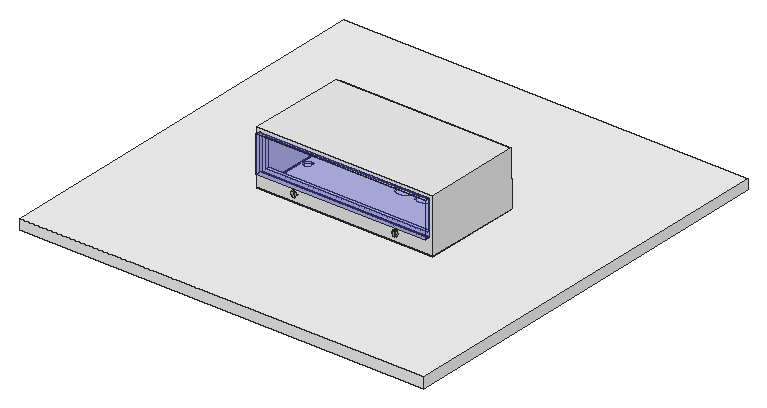
Revit family "BE_23015.1_de_DE", category Leuchten, Revit 2015
Parameters (values of type "BEGA_23015.1_K4")
  built-in parameter 1150104 = 8.5378 (stored number, unit not read)
  Wattage = 13.6 W
  Default Elevation = 0 mm
  built-in parameter 1150113 = 1 (stored number, unit not read)
  built-in parameter 1114218 = 1 (stored number, unit not read)
  Umgebungstemperatur = "25 °C"
  URL = "http://www.bega.de/produkt/23015.1"
  Typenkommentare = "© 2017 BEGA. Wir behalten uns das Recht vor, technische Änderungen ohne vorherige Ankündigung vorzunehmen."  # constant formula
  built-in parameter 1150134 = 12
  built-in parameter 1150109 = 1 (stored number, unit not read)
  Strom = ""
  built-in parameter 1150110 = 1 (stored number, unit not read)
  Spannung = 239.996 V
  Sonderanfertigung = no
  Seriennummer [instance] = "Hier können Sie die eindeutige Seriennummer für das Facility Management eintragen."
  Schutzklasse = "I"
  Schutzart = "IP 20"
  Scheinlast = 0 VA
  Produktdatenblatt = "http://www.bega.de/download/Xrfa/db/23015.1.db.de.pdf"
  Oberflächentemperatur = ""
  Neigungswinkel = 0.00°
  Modell = "23015.1K4"
  Material_17 = BEGA_Reflektor
  Material_15 = BEGA_Leuchtmedium_matt
  Material_11 = BEGA_Glas_opal
  Material_09 = BEGA_Glas_klar
  Material_08 = BEGA_Oberfläche_Stahl_verzinkt
  Material_06 = BEGA_Oberfläche_Edelstahl_gebürstet
  Material_05 = BEGA_Oberfläche_Aluminium Guss
  Material_03 = BEGA_Oberfläche_Weiss_matt
  Material_02 = BEGA_Oberfläche_Silber_matt
  Material_01 [instance] = BEGA_Oberfläche_Grafit_matt
  M_W = no
  M_G = no
  M_A = no
  Logo = 0
  built-in parameter 1114217 = 1 (stored number, unit not read)
  built-in parameter 1150139 = (empty or 0)
  built-in parameter 1150105 = 99.459 (stored number, unit not read)
  built-in parameter 1150114 = 1 (stored number, unit not read)
  Lumens = 1249.84 lm
  built-in parameter 1150115 = 1 (stored number, unit not read)
  Leuchtenlichtstrom = "554 lm"
  Leuchtenanzahl = ""
  Lebensdauerkriterien = "L70B50 @ 25 °C = 60000 h"
  Lastklassifizierung = Beleuchtung
  built-in parameter 1150112 = 1 (stored number, unit not read)
  Lampenlichtstrom = "1250 lm"
  Lampe = "LED 13.6 W"
  LED_Modulbezeichnung = "2x LED-0252/840"
  Hersteller = "BEGA"  # constant formula
  Halbstreuwinkel = ""
  Gewicht = "1.3 kg"
  Gebrauchslageneinschränkung [instance] = ""
  Frequenz = "0/50-60 Hz"
  Farbwiedergabeindex = "Ra > 80"
  Farbtemperaturverschiebung bei Dämpfen der Lampe = <Keine Auswahl>
  Farbtemperatur = "4000 K"
  Color Filter = 16777215
  built-in parameter 1150133 = 10 (stored number, unit not read)
  Energieeffizienzklasse = "LED A++ - A"
  built-in parameter 1150137 = (empty or 0)
  built-in parameter 1150132 = (empty or 0)
  ENEC = ""
  Dimmbar [instance] = ""
  Datei für fotometrisches Netz = "BE_23015K4.IES"
  CE_Konformität = "ja"
  Bestellnummer = "23015.1K4"
  Beschreibung_Sonderanfertigung = "Hier können Sie Informationen zur Sonderanfertigung eintragen."
  Beschreibung = "Wandleuchte"
  built-in parameter 1150106 = 0.99459 (stored number, unit not read)
  Befestigungsbohrung = "Ø 4,5 mm"
  Befestigungsabstand = "150 mm"
  Ballwurfsicher = ""
  BEGA_Intern_aus = yes
  BEGA_Intern_an = yes
  BEGA_Intern_Konstruktion = yes
  BEGA_Intern = yes
  BEGA_IES = yes
  BEGA_Dummy = no
  Anschlussleitung = ""
  Anschlussleistung [instance] = "17 W"
  Anschlusskasten = ""
  built-in parameter 1150107 = 4000 (stored number, unit not read)
  built-in parameter 1150102 = (empty or 0)
  built-in parameter 1150138 = (empty or 0)
  Aktualisierung = "2017-06-22T04:08:41"
  Abstand_zur_angestrahlten_Fläche [instance] = ""
  AC/DC = "AC/DC"
Types (2, lengths in mm): name | built-in parameter 1150104 | built-in parameter 1150134 | Modell | built-in parameter 1150105 | Lumens | Leuchtenlichtstrom | Lampenlichtstrom | LED_Modulbezeichnung | Farbtemperatur | Datei für fotometrisches Netz | Bestellnummer | built-in parameter 1150106 | built-in parameter 1150107
  BEGA_23015.1_K4 | 8.5378 (stored number, unit not read) | 12 | "23015.1K4" | 99.459 (stored number, unit not read) | 1249.84 lm | "554 lm" | "1250 lm" | "2x LED-0252/840" | "4000 K" | "BE_23015K4.IES" | "23015.1K4" | 0.99459 (stored number, unit not read) | 4000 (stored number, unit not read)
  BEGA_23015.1_K3 | 7.3774 (stored number, unit not read) | (empty or 0) | "23015.1" | 85.942 (stored number, unit not read) | 1079.98 lm | "479 lm" | "1080 lm" | "2x LED-0252/830" | "3000 K" | "BE_23015.IES" | "23015.1" | 0.85942 (stored number, unit not read) | 3000 (stored number, unit not read)
Reference planes
  plane 1 "Mitte (Vorne/Hinten)": y = 0
  plane 2: z = 0
  plane 3 "Mitte (Links/Rechts)": x = 0
  plane 4 "Links": x = -87.491
  plane 5 "Rechts": x = 87.491
  plane 6 "Unten": y = -53.25
  plane 7 "Oben": y = 53.25
  plane 8 "Vorne": z = 54
  plane 9 "Hinten": z = 0
Forms (mm)
  Extrusion 1, solid, material "BEGA_Platte_Weiss"
    sketch origin (0, -1119.2, 0) x (1, 0, 0) y (0, 1, 0)
      loop
        line (-200, 1319.2) -> (-200, 919.2) -> (200, 919.2) -> (200, 1319.2) -> (-200, 1319.2)
    from 0 to -10
  Extrusion 2, solid, material "BEGA_Dummy_matt", visible <- "BEGA_Dummy"
    sketch origin (80.095, -76.023, 0) x (1, 0, 0) y (0, 1, 0)
      loop
        line (-167.587, 129.273) -> (-167.587, 22.773) -> (7.396, 22.773) -> (7.396, 129.273) -> (-167.587, 129.273)
    from 0 to 54
Dimensions and locks
  plane 1 "Mitte (Vorne/Hinten)" to Extrusion 1 = 200 mm
  aligned and locked: plane 2 to Extrusion 1
  aligned and locked: level to Extrusion 1
Nested families
  nested 1: "BE_23015.1" at (0, 0, 0), type "BE_23015.1"
Connectors
  electrical at (0, 0, 0), driven by "Lastklassifizierung", driven by "Spannung", driven by "Scheinlast"
    settings: index 1, voltage 239.996 V, apparent load 0 VA, apparent load phase1 0 VA, apparent load phase2 0 VA, apparent load phase3 0 VA, power factor 1, load classification "Beleuchtung", number of poles 1, system type 31, power factor state 1, is connector primary yes, connector utility no, sub classification motor no, connector description ""
Definition of nested family "BE_23015.1"
  Parameters (values of type "BE_23015.1")
    Default Elevation = 1 mm
    URL = "http://www.bega.de/de/produkt"
    Type Comments = "© 2015 BEGA. Wir behalten uns das Recht vor, technische Änderungen ohne vorherige Ankündigung vorzunehmen. "  # constant formula
    Type Image = (empty or 0)
    Neigungswinkel_um_Z2 = 0.00°
    Neigungswinkel_um_Z1 = 0.00°
    Neigungswinkel_um_Y2 = 0.00°
    Neigungswinkel_um_Y1 = 0.00°
    Neigungswinkel_um_X2 = 0.00°
    Neigungswinkel_um_X1 = 0.00°
    Material_17 = none
    Material_15 = none
    Material_11 = none
    Material_09 = none
    Material_08 = none
    Material_06 = none
    Material_05 = none
    Material_03 = none
    Material_02 = none
    Material_01 = none
    M_W = yes
    M_G = yes
    M_A = yes
    Länge_Platte = 300 mm  # constant formula
    Höhe_Platte = -10 mm  # constant formula
    Manufacturer = "BEGA"  # constant formula
    Drehwinkel_um_Z2 = 0.00°
    Drehwinkel_um_Z1 = 0.00°
    Breite_Platte = 200 mm  # constant formula
  Reference planes
    plane 1 "Mitte (Oben/Unten)": y = 0
    plane 2: z = 0
    plane 3 "Mitte (Links/Rechts)": x = 0
    plane 4: z = 54
    plane 5: y = 53.25
    plane 6: y = -53.25
    plane 7: x = -87.491
    plane 8: x = 87.491
  Forms (mm)
    Extrusion 1, solid, detail levels medium
      sketch origin (0, 0, 0) x (1, 0, 0) y (0, 1, 0)
        loop
          line (-150, 100) -> (-150, -100) -> (150, -100) -> (150, 100) -> (-150, 100)
      from 0 to -10 <- "Höhe_Platte"
    Extrusion 2, solid, material <- "Material_03", detail levels medium+fine
      sketch origin (0, 0, 0) x (0, 1, 0) y (0, 0, 1)
        loop
          line (48.25, 1) -> (48.25, 54) -> (-48.25, 54) -> (-48.25, 1) -> (-45.835, 1) -> (-45.835, 52) -> (45.835, 52) -> (45.835, 1) -> (48.25, 1)
      from -88.265 to 88.776
    Extrusion 3, solid, material <- "Material_03", detail levels medium+fine
      sketch origin (0, 0, 0) x (1, 0, 0) y (0, 0, 1)
        loop
          line (-88.265, 54) -> (-88.265, 1) -> (-84.981, 1) -> (-84.981, 54) -> (-88.265, 54)
        loop
          line (88.776, 54) -> (85.662, 54) -> (85.662, 1) -> (88.776, 1) -> (88.776, 54)
      from -48.25 to 48.25
    Extrusion 4, void
      sketch origin (0, 0, 0) x (1, 0, 0) y (0, 0, 1)
        loop
          line (-87.499, 0.549) -> (-86.557, 54.543) -> (-89.287, 54.543) -> (-89.287, 0.549) -> (-87.499, 0.549)
        loop
          line (87.516, 0.549) -> (90.348, 0.549) -> (90.348, 54.543) -> (86.574, 54.543) -> (87.516, 0.549)
      from -49.824 to 51.45
    Sweep 5, solid, material <- "Material_03", detail levels medium+fine
      path origin (0, 0, 0) x (1, 0, 0) y (0, 1, 0)
        loop
          line (87.509, 48.25) -> (-87.5, 48.25) -> (-87.5, -48.25) -> (87.509, -48.25) -> (87.509, 48.25)
      profile origin (0.004, 48.25, 0) x (0, -1, 0) y (0, 0, 1)
        loop
          line (0.5, 0) -> (4.017, 0)
          arc (4.017, 0) -> (5.077, 0.439) -> (5.517, 1.5) r 1.5
          line (5.517, 1.5) -> (5.517, 2.5)
          arc (5.517, 2.5) -> (5.663, 2.854) -> (6.017, 3) r 0.5
          line (6.017, 3) -> (42.243, 3) -> (42.243, 4) -> (6.017, 4)
          arc (6.017, 4) -> (4.956, 3.561) -> (4.517, 2.5) r 1.5
          line (4.517, 2.5) -> (4.517, 1.5)
          arc (4.517, 1.5) -> (4.37, 1.146) -> (4.017, 1) r 0.5
          line (4.017, 1) -> (0.5, 1) -> (0.5, 0)
    Extrusion 6, solid, material <- "Material_03", detail levels medium+fine
      sketch origin (0, 0, 0) x (0, 1, 0) y (0, 0, 1)
        loop
          line (6.007, 4) -> (-6.007, 4) -> (-6.007, 3) -> (6.007, 3) -> (6.007, 4)
      from -45.466 to 45.466
    Extrusion 7, void
      sketch origin (0, 0, 0) x (1, 0, 0) y (0, 1, 0)
        loop
          circle (30, 15) r 8.5
        loop
          circle (-75, 0) r 4.25
        loop
          circle (10, 15) r 8.5
        loop
          circle (75, 0) r 4.25
      from 0 to 8
    Extrusion 8, solid, material <- "Material_03", detail levels medium+fine
      sketch origin (0, 0, 0) x (0, 1, 0) y (0, 0, 1)
        loop
          line (45.835, 52) -> (42.76, 52) -> (42.76, 13.991) -> (45.835, 13.991) -> (45.835, 52)
        loop
          line (-45.835, 52) -> (-45.835, 13.991) -> (-42.76, 13.991) -> (-42.76, 52) -> (-45.835, 52)
      from -84.378 to 84.841
    Extrusion 9, void
      sketch origin (0, 0, 0) x (0, 1, 0) y (0, 0, 1)
        loop
          line (49.5, 48.03) -> (-49.715, 48.03) -> (-49.715, 18.623) -> (49.5, 18.623) -> (49.5, 48.03)
      from -80.277 to 80.984
    Extrusion 10, void
      sketch origin (0, 0, 0) x (0, 1, 0) y (0, 0, 1)
        loop
          line (45.835, 51.347) -> (45.835, 15.347) -> (49.744, 15.347) -> (49.744, 51.347) -> (45.835, 51.347)
        loop
          line (-45.835, 51.347) -> (-49.744, 51.347) -> (-49.744, 15.347) -> (-45.835, 15.347) -> (-45.835, 51.347)
      from -83.844 to 84.146
    Extrusion 11, solid, material <- "Material_11", detail levels medium+fine
      sketch origin (0, 0, 0) x (0, -1, 0) y (0, 0, -1)
        loop
          line (53.25, -15.347) -> (45.25, -15.347) -> (45.25, -51.347) -> (53.25, -51.347) -> (53.25, -15.347)
      from -83.844 to 84.146
    Revolve 12, void
      sketch origin (-49.991, 0, 0) x (0, 1, 0) y (0, 0, 1)
        loop
          line (-46.138, 10.5) -> (-47.677, 10.5) -> (-48.584, 11.407) -> (-48.584, 8) -> (-46.138, 8) -> (-46.138, 10.5)
        axis (-46.138, 8) -> (-48.584, 8)
      angle from 0 to 360
    Revolve 13, solid, material <- "Material_06", detail levels fine
      sketch origin (-49.991, 0, 0) x (0, 1, 0) y (0, 0, 1)
        loop
          line (-49.45, 10) -> (-49.45, 8) -> (-46.138, 8) -> (-46.138, 10.5) -> (-47.633, 10.5) -> (-48.25, 10) -> (-49.45, 10)
        axis (-46.138, 8) -> (-49.45, 8)
      angle from 0 to 360
    Extrusion 14, solid, material <- "Material_11", detail levels medium+fine
      sketch origin (0, 0, 0) x (0, 1, 0) y (0, 0, 1)
        loop
          line (53.25, 15.347) -> (53.25, 51.347) -> (45.25, 51.347) -> (45.25, 15.347) -> (53.25, 15.347)
      from -83.844 to 84.146
    Revolve 15, void
      sketch origin (49.991, 0, 0) x (0, 1, 0) y (0, 0, -1)
        loop
          line (-46.138, -10.5) -> (-46.138, -8) -> (-48.584, -8) -> (-48.584, -11.407) -> (-47.677, -10.5) -> (-46.138, -10.5)
        axis (-46.138, -8) -> (-48.584, -8)
      angle from 0 to 360
    Revolve 16, solid, material <- "Material_06", detail levels fine
      sketch origin (49.991, 0, 0) x (0, 1, 0) y (0, 0, -1)
        loop
          line (-49.45, -10) -> (-48.25, -10) -> (-47.633, -10.5) -> (-46.138, -10.5) -> (-46.138, -8) -> (-49.45, -8) -> (-49.45, -10)
        axis (-46.138, -8) -> (-49.45, -8)
      angle from 0 to 360
  Cuts and joins
    Extrusion 4, Extrusion 9, Extrusion 10, Revolve 12, Revolve 15 cuts Extrusion 2
    Extrusion 4, Extrusion 9, Extrusion 10, Revolve 12, Revolve 15 cuts Extrusion 3
    Extrusion 9, Extrusion 10, Revolve 12, Revolve 15 cuts Extrusion 8
    joined: Extrusion 2, Extrusion 3, Extrusion 8
    Extrusion 7 cuts Sweep 5
    Extrusion 7 cuts Extrusion 6
    joined: Sweep 5, Extrusion 6
  Dimensions and locks
    equal spacing: Extrusion 1 sketch curve, plane 3 "Mitte (Links/Rechts)", Extrusion 1 sketch curve
    equal spacing: Extrusion 1 sketch curve, plane 1 "Mitte (Oben/Unten)", Extrusion 1 sketch curve
    "Länge_Platte": Extrusion 1 sketch curve to Extrusion 1 sketch curve
    "Breite_Platte": Extrusion 1 sketch curve to Extrusion 1 sketch curve
    aligned and locked: Extrusion 1 to plane 2
    aligned and locked: level to Extrusion 1
  Automatic sketch dimensions
    plane 4 to Extrusion 2 sketch curve = 0 mm
    level to Extrusion 2 sketch curve = 1 mm  (x2)
    plane 6 to Extrusion 2 sketch curve = 5 mm
    Extrusion 2 sketch curve to Extrusion 2 sketch curve = 2.415 mm  (x2)
    plane 5 to Extrusion 2 sketch curve = 7.415 mm
    plane 4 to Extrusion 2 sketch curve = 2 mm
    Extrusion 3 sketch curve to plane 4 = 0 mm  (x2)
    level to Extrusion 3 sketch curve = 1 mm  (x2)
    Extrusion 3 sketch curve to Extrusion 3 sketch curve = 3.284 mm
    Extrusion 3 sketch curve to Extrusion 3 sketch curve = 3.114 mm
    Extrusion 4 sketch curve to plane 4 = 0.543 mm  (x2)
    level to Extrusion 4 sketch curve = 0.549 mm  (x2)
    Extrusion 4 sketch curve to Extrusion 4 sketch curve = 1.788 mm
    Extrusion 4 sketch curve to Extrusion 4 sketch curve = 2.73 mm
    Extrusion 4 sketch curve to Extrusion 4 sketch curve = 2.831 mm
    plane 5 to Sweep 5 sketch curve = 5 mm
    plane 6 to Sweep 5 sketch curve = 5 mm
    Sweep 5 sketch curve to Sweep 5 sketch curve = 0 mm  (x4)
    Sweep 5 sketch curve to level = 0 mm
    Sweep 5 sketch curve to profile plane = 0.5 mm
    level to Sweep 5 sketch curve = 1 mm
    Sweep 5 sketch curve to Sweep 5 sketch curve = 3.517 mm
    Sweep 5 sketch curve to Sweep 5 sketch curve = 0.5 mm  (x2)
    level to Sweep 5 sketch curve = 4 mm
    Sweep 5 sketch curve to Sweep 5 sketch curve = 36.226 mm
    plane 1 "Mitte (Oben/Unten)" to Extrusion 6 sketch curve = 6.007 mm
    level to Extrusion 6 sketch curve = 3 mm
    Extrusion 6 sketch curve to plane 1 "Mitte (Oben/Unten)" = 6.007 mm
    Extrusion 6 sketch curve to Extrusion 6 sketch curve = 1 mm
    plane 1 "Mitte (Oben/Unten)" to Extrusion 7 sketch curve = 0 mm  (x2)
    plane 3 "Mitte (Links/Rechts)" to Extrusion 7 sketch curve = 10 mm
    Extrusion 7 sketch curve to plane 1 "Mitte (Oben/Unten)" = 15 mm  (x2)
    plane 6 to Extrusion 8 sketch curve = 7.415 mm
    Extrusion 8 sketch curve to Extrusion 8 sketch curve = 3.075 mm  (x2)
    plane 4 to Extrusion 8 sketch curve = 2 mm  (x2)
    plane 5 to Extrusion 8 sketch curve = 10.49 mm
    level to Extrusion 8 sketch curve = 13.991 mm  (x2)
    plane 6 to Extrusion 9 sketch curve = 3.535 mm
    plane 5 to Extrusion 9 sketch curve = 3.75 mm
    level to Extrusion 9 sketch curve = 18.623 mm
    plane 4 to Extrusion 9 sketch curve = 5.97 mm
    plane 6 to Extrusion 10 sketch curve = 3.506 mm
    Extrusion 10 sketch curve to Extrusion 10 sketch curve = 3.91 mm
    plane 5 to Extrusion 10 sketch curve = 7.415 mm
    plane 5 to Extrusion 10 sketch curve = 3.506 mm
    level to Extrusion 10 sketch curve = 15.347 mm  (x2)
    plane 4 to Extrusion 10 sketch curve = 2.653 mm  (x2)
    Extrusion 11 sketch curve to plane 6 = 0 mm
    Extrusion 11 sketch curve to plane 4 = 2.653 mm
    Extrusion 11 sketch curve to plane 6 = 8 mm
    Extrusion 11 sketch curve to level = 15.347 mm
    plane 6 to Revolve 12 sketch curve = 4.666 mm
    Revolve 12 sketch curve to Revolve 12 sketch curve = 0.907 mm  (x2)
    Revolve 12 sketch curve to Revolve 12 sketch curve = 2.445 mm
    level to Revolve 12 sketch curve = 8 mm
    Revolve 12 sketch curve to Revolve 12 sketch curve = 2.5 mm
    Revolve 12 sketch curve to Revolve 12 sketch curve = 0 mm  (x3)
    plane 6 to Revolve 13 sketch curve = 3.8 mm
    Revolve 13 sketch curve to Revolve 13 sketch curve = 1.2 mm
    Revolve 13 sketch curve to Revolve 13 sketch curve = 0.617 mm
    Revolve 13 sketch curve to Revolve 13 sketch curve = 1.494 mm
    level to Revolve 13 sketch curve = 8 mm
    Revolve 13 sketch curve to Revolve 13 sketch curve = 2 mm
    Revolve 13 sketch curve to Revolve 13 sketch curve = 0.5 mm
    Revolve 13 sketch curve to Revolve 13 sketch curve = 0 mm  (x3)
    Extrusion 14 sketch curve to plane 5 = 0 mm
    plane 4 to Extrusion 14 sketch curve = 2.653 mm
    Extrusion 14 sketch curve to Extrusion 14 sketch curve = 8 mm
    level to Extrusion 14 sketch curve = 15.347 mm
    plane 6 to Revolve 15 sketch curve = 4.666 mm
    Revolve 15 sketch curve to Revolve 15 sketch curve = 0.907 mm  (x2)
    Revolve 15 sketch curve to Revolve 15 sketch curve = 2.445 mm
    level to Revolve 15 sketch curve = 11.407 mm
    Revolve 15 sketch curve to Revolve 15 sketch curve = 2.5 mm
    Revolve 15 sketch curve to Revolve 15 sketch curve = 0 mm  (x3)
    plane 6 to Revolve 16 sketch curve = 3.8 mm
    Revolve 16 sketch curve to Revolve 16 sketch curve = 1.2 mm
    Revolve 16 sketch curve to Revolve 16 sketch curve = 0.617 mm
    Revolve 16 sketch curve to Revolve 16 sketch curve = 1.494 mm
    level to Revolve 16 sketch curve = 10.5 mm
    Revolve 16 sketch curve to Revolve 16 sketch curve = 0.5 mm
    Revolve 16 sketch curve to Revolve 16 sketch curve = 2.5 mm
    Revolve 16 sketch curve to Revolve 16 sketch curve = 0 mm  (x3)
    plane 3 "Mitte (Links/Rechts)" to Extrusion 3 sketch curve = 85.662 mm
    plane 3 "Mitte (Links/Rechts)" to Extrusion 4 sketch curve = 86.574 mm
    Extrusion 4 sketch curve to Extrusion 4 sketch curve = 0.942 mm
    plane 3 "Mitte (Links/Rechts)" to Sweep 5 sketch curve = 87.509 mm
    Extrusion 7 sketch curve to Extrusion 7 sketch curve = 20 mm
    Extrusion 7 sketch curve to Extrusion 7 sketch curve = 45 mm
    Extrusion 3 sketch curve to plane 3 "Mitte (Links/Rechts)" = 84.981 mm
    Extrusion 4 sketch curve to plane 3 "Mitte (Links/Rechts)" = 86.557 mm
    Sweep 5 sketch curve to plane 3 "Mitte (Links/Rechts)" = 87.5 mm
    Extrusion 7 sketch curve to plane 3 "Mitte (Links/Rechts)" = 75 mm
    radius of Extrusion 7 sketch curve = 8.5 mm  (x2)
    radius of Extrusion 7 sketch curve = 4.25 mm  (x2)
